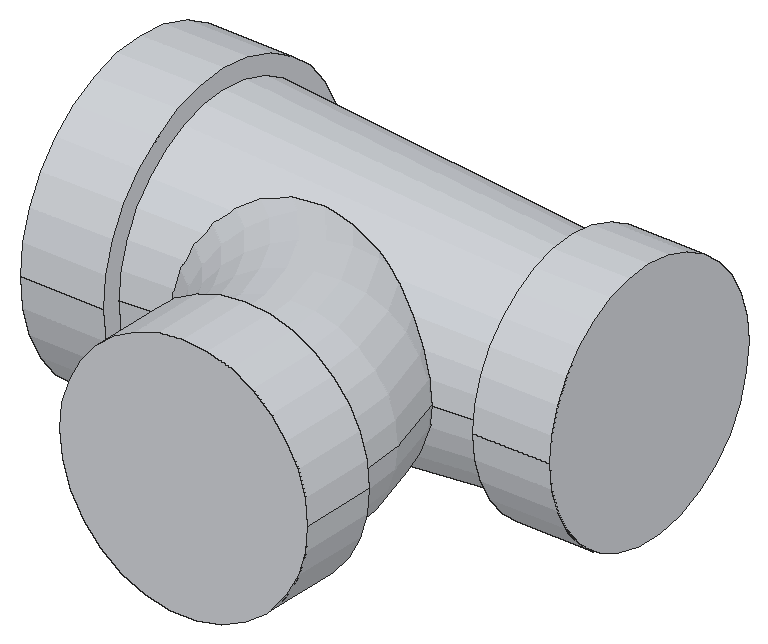
Revit family "M_Redução T de esgoto - PVC - Sch 40 - DWV", category Conexões de tubo, Revit 2019
Family settings
  Cota do conector redondo = Usar raio
  Tipo de parte = Tê
  Número OmniClass = 23.60.30.11.14
  Título OmniClass = Pipework Fittings
  ID de item do Seek = Tee Reducing Sanitary - PVC - Sch 40 - DWV-0000-CAN-ENU
  Com base no plano de trabalho = Não
  Sempre na vertical = Sim
  Corte com vazios quando carregada = Não
  Compartilhado = Não
Parameters (values of type "Padrão")
  Espessura da parede 3 [instance] = size_lookup(Nome da tabela de pesquisa, "WThk", 0.02 * Diâmetro nominal 3 + 3.274 mm, Diâmetro nominal 3)  # 3.962 mm
  Espessura da parede 2 [instance] = size_lookup(Nome da tabela de pesquisa, "WThk", 0.02 * Diâmetro nominal 2 + 3.274 mm, Diâmetro nominal 2)  # 3.962 mm
  Espessura da parede 1 [instance] = size_lookup(Nome da tabela de pesquisa, "WThk", 0.02 * Diâmetro nominal 1 + 3.274 mm, Diâmetro nominal 1)  # 3.962 mm
  Tamanho da marca de cota 3 [instance] = Diâmetro externo da conexão 3 * 0.4  # 19.304 mm
  Tamanho da marca de cota 2 [instance] = Diâmetro externo da conexão 2 * 0.4  # 19.304 mm
  Tamanho da marca de cota 1 [instance] = Diâmetro externo da conexão 1 * 0.4  # 24.13 mm
  Raio externo do soquete 3 [instance] = Diâmetro externo do soquete 3 / 2  # 28.283 mm
  Raio externo do soquete 2 [instance] = Diâmetro externo do soquete 2 / 2  # 28.283 mm
  Raio externo do soquete 1 [instance] = Diâmetro externo do soquete 1 / 2  # 34.315 mm
  Diâmetro externo do soquete 3 [instance] = Diâmetro de entrada do soquete 3 + Espessura da parede 3 * 2  # 56.566 mm
  Diâmetro externo do soquete 2 [instance] = Diâmetro da entrada do soquete 2 + Espessura da parede 2 * 2  # 56.566 mm
  Diâmetro externo do soquete 1 [instance] = Diâmetro da entrada do soquete 1 + Espessura da parede 1 * 2  # 68.631 mm
  Diâmetro de entrada do soquete 3 [instance] = size_lookup(Nome da tabela de pesquisa, "SED", 1.04 * Diâmetro nominal 3 + 9.426 mm, Diâmetro nominal 3)  # 48.641 mm
  Diâmetro da entrada do soquete 2 [instance] = size_lookup(Nome da tabela de pesquisa, "SED", 1.04 * Diâmetro nominal 2 + 9.426 mm, Diâmetro nominal 2)  # 48.641 mm
  Diâmetro da entrada do soquete 1 [instance] = size_lookup(Nome da tabela de pesquisa, "SED", 1.04 * Diâmetro nominal 1 + 9.426 mm, Diâmetro nominal 1)  # 60.706 mm
  Profundidade do soquete 3 [instance] = size_lookup(Nome da tabela de pesquisa, "SDpt", 0.51 * Diâmetro nominal 3 - 2.58 mm, Diâmetro nominal 3)  # 17.45 mm
  Profundidade do soquete 2 [instance] = size_lookup(Nome da tabela de pesquisa, "SDpt", 0.51 * Diâmetro nominal 2 - 2.58 mm, Diâmetro nominal 2)  # 17.45 mm
  Profundidade do soquete 1 [instance] = size_lookup(Nome da tabela de pesquisa, "SDpt", 0.51 * Diâmetro nominal 1 - 2.58 mm, Diâmetro nominal 1)  # 19.05 mm
  Execução do inferior do soquete até o inferior do soquete [instance] = size_lookup(Nome da tabela de pesquisa, "SBtSBR", -0.044 * Diâmetro nominal máximo 12 + 1.28 * Diâmetro nominal 3 + 27.682 mm, Diâmetro nominal 1, Diâmetro nominal 2, Diâmetro nominal 3)  # 79.375 mm
  Raio 2 [instance] = if(Comprimento 11 = Profundidade do soquete 3, Diâmetro externo do soquete 3 / 2, Raio externo da conexão 3)  # 28.283 mm
  Raio 1 [instance] = if(Comprimento 11 = Profundidade do soquete 3, Raio externo do soquete 3, Raio externo da conexão 3)  # 28.283 mm
  Raio nominal 3 [instance] = 20 mm
  Raio nominal 2 [instance] = 20 mm
  Raio nominal 1 [instance] = 25 mm
  Diâmetro nominal 3 [instance] = Raio nominal 3 * 2  # 40 mm
  Diâmetro nominal 2 [instance] = Raio nominal 2 * 2  # 40 mm
  Diâmetro nominal 1 [instance] = Raio nominal 1 * 2  # 50 mm
  Raio externo máximo do soquete 13 [instance] = if(Raio externo do soquete 1 > Raio externo do soquete 3, Raio externo do soquete 1, Raio externo do soquete 3)  # 34.315 mm
  Diâmetro nominal máximo 12 [instance] = if(Diâmetro nominal 1 > Diâmetro nominal 2, Diâmetro nominal 1, Diâmetro nominal 2)  # 50 mm
  Acessório máx. fora do raio 13 [instance] = if(Raio externo da conexão 1 > Raio externo da conexão 3, Raio externo da conexão 1, Raio externo da conexão 3)  # 30.163 mm
  Método de perda = Não definido
  Nome da tabela de pesquisa = "M_Tee Reducing Sanitary - PVC - Sch 40 - DWV"
  Comprimento 9 [instance] = if(Comprimento 8 > Raio externo do soquete 2, 0 mm, Comprimento 11)  # 0 mm
  Comprimento 8 [instance] = Comprimento 3 - Raio externo do soquete 3 * cos(Ângulo)  # 55.575 mm
  Comprimento 7 [instance] = Comprimento 2 - 4572 mm + Raio externo do soquete 3 * sin(Ângulo) + Comprimento 9 * cos(Ângulo) - (Centro para ramificação inferior do soquete - Execução do centro até o soquete inferior)  # 77.508 mm
  Comprimento 6 [instance] = Comprimento 1 + Profundidade do soquete 2  # 4675.175 mm
  Comprimento 5 [instance] = Raio do centro * (1 - cos(Ângulo)) + (Profundidade do soquete 3 + Comprimento 9) * sin(Ângulo)  # 73.025 mm
  Comprimento 4 [instance] = Raio do centro * sin(Ângulo) + (Profundidade do soquete 3 + Comprimento 9) * cos(Ângulo) + 4572 mm  # 4627.575 mm
  Comprimento 13 [instance] = if(Comprimento 8 > Raio externo do soquete 2, Profundidade do soquete 3, if((Raio externo do soquete 3 * cos(Ângulo) + Raio externo do soquete 2 - Comprimento 3) / sin(Ângulo) > 3.175 mm, (Raio externo do soquete 3 * cos(Ângulo) + Raio externo do soquete 2 - Comprimento 3) / sin(Ângulo), 3.175 mm) + Profundidade do soquete 3)  # 17.45 mm
  Comprimento 12 [instance] = 4572 mm + Centro para ramificação inferior do soquete - Execução do centro até o soquete inferior  # 4578.35 mm
  Comprimento 11 [instance] = if(Comprimento 8 > Raio externo do soquete 2, Profundidade do soquete 3, if((Raio externo do soquete 3 * cos(Ângulo) + Raio externo do soquete 2 - Comprimento 3) / sin(Ângulo) > 3.175 mm, (Raio externo do soquete 3 * cos(Ângulo) + Raio externo do soquete 2 - Comprimento 3) / sin(Ângulo), 3.175 mm))  # 17.45 mm
  Comprimento 3 [instance] = Raio do centro * (1 - cos(Ângulo))  # 55.575 mm
  Comprimento 2 [instance] = Raio do centro * sin(Ângulo) + 4572 mm  # 4627.575 mm
  Comprimento 10 [instance] = if(Raio externo máximo do soquete 13 > Acessório máx. fora do raio 13, Raio externo máximo do soquete 13, Acessório máx. fora do raio 13)  # 34.315 mm
  Comprimento 1 [instance] = Comprimento 12 + if(and(Raio do centro * sin(Ângulo) > Raio externo do soquete 2, Ângulo = 90.00°), Execução do inferior do soquete até o inferior do soquete, if(Execução do inferior do soquete até o inferior do soquete > Comprimento 7, Execução do inferior do soquete até o inferior do soquete, Comprimento 7))  # 4657.725 mm
  Raio externo da conexão 3 [instance] = Diâmetro externo da conexão 3 / 2  # 24.13 mm
  Raio externo da conexão 2 [instance] = Diâmetro externo da conexão 2 / 2  # 24.13 mm
  Raio externo da conexão 1 [instance] = Diâmetro externo da conexão 1 / 2  # 30.163 mm
  Diâmetro externo da conexão 3 [instance] = size_lookup(Nome da tabela de pesquisa, "FOD", 1.04 * Diâmetro nominal 3 + 9.128 mm, Diâmetro nominal 3)  # 48.26 mm
  Diâmetro externo da conexão 2 [instance] = size_lookup(Nome da tabela de pesquisa, "FOD", 1.04 * Diâmetro nominal 2 + 9.128 mm, Diâmetro nominal 2)  # 48.26 mm
  Diâmetro externo da conexão 1 [instance] = size_lookup(Nome da tabela de pesquisa, "FOD", 1.04 * Diâmetro nominal 1 + 9.128 mm, Diâmetro nominal 1)  # 60.325 mm
  Execução do centro até o soquete inferior [instance] = size_lookup(Nome da tabela de pesquisa, "CtSBR", -0.00094 * Diâmetro nominal máximo 12 + 0.75 * Diâmetro nominal 3 + 18.554 mm, Diâmetro nominal 1, Diâmetro nominal 2, Diâmetro nominal 3)  # 49.225 mm
  Centro para ramificação inferior do soquete [instance] = size_lookup(Nome da tabela de pesquisa, "CtSBB", 0.53 * Diâmetro nominal máximo 12 + 0.24 * Diâmetro nominal 3 + 19.348 mm, Diâmetro nominal 1, Diâmetro nominal 2, Diâmetro nominal 3)  # 55.575 mm
  Centro para legenda da ramificação inferior do soquete [instance] = if(Centro para ramificação inferior do soquete / tan(Ângulo / 2) > Comprimento 10, Centro para ramificação inferior do soquete, Comprimento 10 * tan(Ângulo / 2) + 3.175 mm)  # 55.575 mm
  Raio do centro [instance] = Centro para legenda da ramificação inferior do soquete / tan(Ângulo / 2)  # 55.575 mm
  Ângulo [instance] = 90.00°
Reference planes
  plane 1 "Centro (Frente/Trás)": y = 0
  plane 2: z = 0
  plane 3 "Centro (Esquerda/Direita)": x = 0
  plane 4: x = -55.575
  plane 5: y = -55.575
  plane 6: x = -4627.575
  plane 7: x = 0
  plane 8: x = 0
  plane 9: y = -55.575
  plane 10: y = -73.025
  plane 11: x = -49.225
  plane 12: x = 30.15
  plane 13: x = -68.275
  plane 14: x = 47.6
  plane 15: x = -322.175
Forms (mm)
  Sweep 1, solid, detail levels fine
    path in 3D
      loop
        line (30.15, 0, 0) -> (47.6, 0, 0)
    profile origin (38.875, 0, 0) x (0, 1, 0) y (0, 0, 1)
      loop
        circle (0, 0) r 28.283
  Sweep 2, solid, detail levels fine
    path in 3D
      loop
        line (0, -55.575, 0) -> (0, -73.025, 0)
    profile origin (0, -64.3, 0) x (1, 0, 0) y (0, 0, 1)
      loop
        circle (0, 0) r 28.283
  Sweep 3, solid, detail levels fine
    path in 3D
      loop
        arc (-55.575, 0, 0) -> (-16.278, -16.278, 0) -> (0, -55.575, 0) r 55.575
    profile origin (-16.278, -16.278, 0) x (0.707107, 0.707107, 0) y (0, 0, 1)
      loop
        circle (0, 0) r 24.13
  Sweep 4, solid, detail levels fine
    path in 3D
      loop
        line (-68.275, 0, 0) -> (-49.225, 0, 0)
    profile origin (-58.75, 0, 0) x (0, 1, 0) y (0, 0, 1)
      loop
        circle (0, 0) r 34.315
  SweptBlend 5, solid, detail levels fine
    path in 3D
      loop
        line (-49.225, 0, 0) -> (30.15, 0, 0)
    profile origin (-49.225, 0, 0) x (0, 1, 0) y (0, 0, 1)
      loop
        circle (0, 0) r 30.163
    end profile origin (30.15, 0, 0) x (0, 1, 0) y (0, 0, 1)
      loop
        circle (0, 0) r 24.13
  Sweep 6, solid, detail levels fine
    path in 3D
      loop
        line (30.15, 0, 0) -> (47.6, 0, 0)
    profile origin (38.875, 0, 0) x (0, 1, 0) y (0, 0, 1)
      loop
        circle (0, 0) r 28.283
  Sweep 7, solid, detail levels fine
    path in 3D
      loop
        line (0, -73.025, 0) -> (0, -55.575, 0)
    profile origin (0, -64.3, 0) x (-1, 0, 0) y (0, 0, 1)
      loop
        circle (0, 0) r 28.283
Cuts and joins
  joined: Sweep 2, Sweep 3, Sweep 7
  joined: Sweep 1, Sweep 4, SweptBlend 5, Sweep 6
Lines and regions (mm)
  model lines, detail levels coarse+medium
    curve 1: line (-68.275, 0, 0) -> (-49.225, 0, 0)
    curve 2: line (30.15, 0, 0) -> (47.6, 0, 0)
    curve 4: line (-68.275, 0, 0) -> (-68.275, 24.13, 0)
    curve 5: line (-68.275, -24.13, 0) -> (-68.275, 0, 0)
    curve 6: line (47.6, 19.304, 0) -> (47.6, 0, 0)
    curve 7: line (47.6, -19.304, 0) -> (47.6, 0, 0)
    curve 8: line (0, -55.575, 0) -> (0, -73.025, 0)
    curve 9: line (0, -73.025, 0) -> (19.304, -73.025, 0)
    curve 10: line (0, -73.025, 0) -> (-19.304, -73.025, 0)
    curve 12: arc (-55.575, 0, 0) -> (-16.278, -16.278, 0) -> (0, -55.575, 0) r 55.575
    curve 14: line (-49.225, 0, 0) -> (30.15, 0, 0)
  sketch lines
    curve 3: line (30.15, 0, 0) -> (47.6, 0, 0)
    curve 11: line (0, -55.575, 0) -> (0, -73.025, 0)
    curve 13: arc (-55.575, 0, 0) -> (-16.278, -16.278, 0) -> (0, -55.575, 0) r 55.575
    curve 15: line (-68.275, 0, 0) -> (-49.225, 0, 0)
    curve 16: line (-49.225, 0, 0) -> (30.15, 0, 0)
    curve 17: line (30.15, 0, 0) -> (47.6, 0, 0)
    curve 20: line (0, -73.025, 0) -> (0, -55.575, 0)
  reference lines
    curve 18: line (0, 0, 0) -> (0, -141.871, 0)
    curve 19: line (0, -73.025, 0) -> (0, -55.575, 0)
Dimensions and locks
  "Centro para legenda da ramificação inferior do soquete": plane 4 to plane 3 "Centro (Esquerda/Direita)"
  "Raio do centro": plane 1 "Centro (Frente/Trás)" to plane 5
  locked: plane 6 to plane 4 at 4572
  "Comprimento 2": plane 6 to plane 7
  "Comprimento 4": plane 6 to plane 8
  "Comprimento 3": plane 1 "Centro (Frente/Trás)" to plane 9
  "Comprimento 5": plane 1 "Centro (Frente/Trás)" to plane 10
  "Comprimento 12": plane 6 to plane 11
  "Comprimento 1": plane 6 to plane 12
  "Comprimento 6": plane 6 to plane 14
  "Tamanho da marca de cota 1": curve 4 to curve 4
  "Tamanho da marca de cota 1": curve 5 to curve 5
  "Tamanho da marca de cota 2": curve 6 to curve 6
  "Tamanho da marca de cota 2": curve 7 to curve 7
  "Comprimento 13": curve 8 to curve 8
  "Tamanho da marca de cota 3": curve 9 to curve 9
  "Tamanho da marca de cota 3": curve 10 to curve 10
  "Profundidade do soquete 1": plane 13 to plane 11
  "Profundidade do soquete 3": curve 19 to curve 19
  "Raio externo do soquete 2": radius of Sweep 1 sketch curve
  "Raio 1": radius of Sweep 2 sketch curve
  "Raio do centro": radius of curve 12
  "Raio externo da conexão 3": radius of Sweep 3 sketch curve
  "Raio externo do soquete 1": radius of Sweep 4 sketch curve
  "Raio externo da conexão 1": radius of SweptBlend 5 sketch curve
  "Raio externo da conexão 2": radius of SweptBlend 5 sketch curve
  "Raio externo do soquete 2": radius of Sweep 6 sketch curve
  "Raio externo do soquete 3": radius of Sweep 7 sketch curve
  "Ângulo": angle curve 8 to plane 9
  locked: curve 9 to curve 10 (angle 180.00°)
  locked: curve 9 to curve 8 (angle 90.00°)
  "Ângulo": angle curve 12 to curve 12
  "Ângulo": angle curve 18 to plane 1 "Centro (Frente/Trás)"
  "Ângulo": angle curve 19 to plane 10
  aligned and locked: plane 14 to curve 2
  aligned and locked: plane 1 "Centro (Frente/Trás)" to curve 2
  aligned and locked: plane 13 to curve 4
  aligned and locked: plane 13 to curve 5
  aligned and locked: plane 1 "Centro (Frente/Trás)" to curve 6
  aligned and locked: curve 6 to plane 14
  aligned and locked: plane 14 to curve 7
  aligned and locked: plane 7 to curve 8
  aligned and locked: plane 9 to curve 8
  aligned and locked: plane 5 to curve 12
  aligned and locked: plane 11 to curve 14
  aligned and locked: plane 12 to curve 14
  aligned and locked: plane 1 "Centro (Frente/Trás)" to curve 14
  aligned and locked: plane 1 "Centro (Frente/Trás)" to curve 18
  aligned and locked: plane 3 "Centro (Esquerda/Direita)" to curve 18
  aligned and locked: plane 10 to curve 19
  aligned and locked: plane 8 to curve 19
Automatic sketch dimensions
  Sweep 1 sketch curve to profile plane = 0 mm  (x2)
  profile plane to Sweep 2 sketch curve = 0 mm
  Sweep 2 sketch curve to profile plane = 0 mm
  Sweep 3 sketch curve to profile plane = 0 mm  (x2)
  Sweep 4 sketch curve to profile plane = 0 mm  (x2)
  SweptBlend 5 sketch curve to profile plane = 0 mm  (x4)
  Sweep 6 sketch curve to profile plane = 0 mm  (x2)
  Sweep 7 sketch curve to profile plane = 0 mm  (x2)
Connectors
  piping at (-68.275, 0, 0), diameter 50, driven by "Raio nominal 1"
    settings: on cut or joined group of Sweep 1, Sweep 4, SweptBlend 5, Sweep 6, index 1, connector inside diameter 50 mm, connector length 0 mm, flow factor 0, pipe flow 0.0 L/s, pressure drop 0.0 Pa, fitting loss kfactor 0, connector angle 0.00°, fixture units 0, engagement length 0 mm, angle of deflection 0.00°, flow configuration 0, flow direction 0, fitting loss method 0, system type 28, joint type 0, gender type 0, connector reference index 2, connector utility 0, adjustable connector no, is connector primary yes, connector description ""
  piping at (47.6, 0, 0), diameter 40, driven by "Raio nominal 2"
    settings: on cut or joined group of Sweep 1, Sweep 4, SweptBlend 5, Sweep 6, index 2, connector inside diameter 40 mm, connector length 0 mm, flow factor 0, pipe flow 0.0 L/s, pressure drop 0.0 Pa, fitting loss kfactor 0, connector angle 0.00°, fixture units 0, engagement length 0 mm, angle of deflection 0.00°, flow configuration 0, flow direction 0, fitting loss method 0, system type 28, joint type 0, gender type 0, connector reference index 1, connector utility 0, adjustable connector no, is connector primary no, connector description ""
  piping at (0, -73.025, 0), diameter 40, driven by "Raio nominal 3", driven by "Ângulo"
    settings: on cut or joined group of Sweep 2, Sweep 3, Sweep 7, index 3, connector inside diameter 40 mm, connector length 0 mm, flow factor 0, pipe flow 0.0 L/s, pressure drop 0.0 Pa, fitting loss kfactor 0, connector angle 90.00°, fixture units 0, engagement length 0 mm, angle of deflection 0.00°, flow configuration 0, flow direction 0, fitting loss method 0, system type 28, joint type 0, gender type 0, connector reference index -1, connector utility 0, adjustable connector no, is connector primary no, connector description ""
